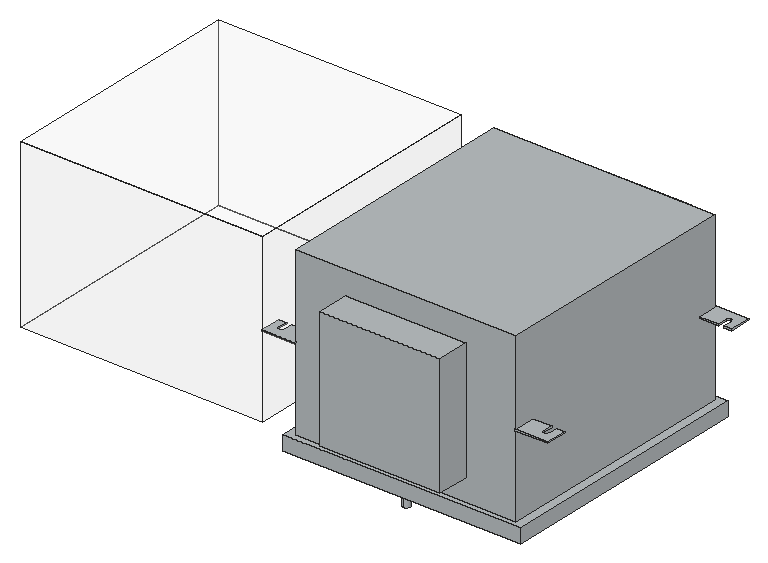
Revit family "9_天吊埋込タイプ 厨房用(角ダクト) 3相200V", category 機械設備, Revit 2019
Family settings
  丸型コネクタ寸法 = 直径を使用
  パーツ タイプ = 割り込み
  OmniClass 番号 = 23.75.35.17.24
  OmniClass タイトル = Axial Fans
  作業面ベース = いいえ
  常に垂直 = はい
  ロード時にボイドで切り取り = いいえ
  共有 = いいえ
  部屋計算ポイント = はい
Parameters (values of type "BFS-300TX1")
  騒音レベル(dB(A))_吸込 = 68
  騒音レベル(dB(A))_吐出 = 73
  騒音レベル(dB(A))_側面 = 49
  騒音レベル(dB(A)) = 68
  風量 [instance] = 設計風量  # 0.0 m³/h
  電源種別 [instance] = "一般"
  電圧 = 200 V
  電動機出力 = 1500 W
  電動機_種別 [instance] = ""
  運転質量 = 0.00 kg
  連動 [instance] = ""
  質量 = if(製品質量 > 運転質量, 製品質量, 運転質量) * 1.2  # 46.80 kg
  負荷分類 = 3_ファン類
  説明 = "ストレートシロッコファン厨房用"
  設計風量 [instance] = 0.0 m³/h
  設置方法 = "天吊"
  記号 [instance] = ""
  製造元 = "三菱電機株式会社"
  製品質量 = 39.00 kg
  製品出荷対象 = "国内"
  製品リリース年月 = "2006年12月1日"
  製品グループ = ""
  系統 [instance] = ""
  符号 [instance] = if(☑給気／□排気, "FS", "FE")  # "FE"
  積算_科目 = "2 換気設備"
  積算_拾い区分 [instance] = ""
  相 = 3
  盤記号 [instance] = ""
  盤工事区分 = "電気工事"
  発停方法 [instance] = "別売スイッチ"
  番手 = "#2"
  特殊仕様 [instance] = ""
  火災停止 [instance] = ""
  消費電力 = 940 W
  法定耐用年数 = "15"
  機外静圧 [instance] = 0.0 Pa
  極数 = 3
  極 = 4
  材質 [instance] = ""
  本体マテリアル = SUS304
  操作・制御方式 = ""
  操作・制御スイッチ = ""
  排気量 [instance] = if(☑給気／□排気, 0.0 m³/h, 設計風量)  # 0.0 m³/h
  形式 = ""
  形名 = BFS-TX : BFS-300TX1
  幹線記号 [instance] = ""
  対象室 [instance] = ""
  実風量 = 0.0 m³/h
  始動方式 [instance] = "直入"
  外気量 [instance] = if(☑給気／□排気, 設計風量, 0.0 m³/h)  # 0.0 m³/h
  呼称 = "消音ボックス付送風機"
  周波数 = 50 Hz
  天吊金具ピッチ幅 = 655 mm
  天吊金具ピッチ奥行 = 562 mm
  参照している仕様書等のバージョン = ""
  分類コード = "50052502100020"
  分類グループ = ""
  価格 = 336000
  企業コード = "108420"
  付属品_防振装置 = ""
  付属品 [instance] = ""
  仕様書バージョン = "Version1.0"
  モデル = "BFS-300TX1"
  ファンの種類 = "多翼形"
  ドレン管径 = 18 mm
  ダクト高 = 298 mm
  ダクト幅 = 298 mm
  サービススペース = yes
  コメント [instance] = ""
  Keynote = ""
  ☑給気／□排気 [instance] = no
  Width = 546 mm
  Version = ""
  Uniclass2015Version = "Systems v1.9"
  Uniclass2015Title = "Centrifugal fans"
  Uniclass2015Code = "Pr_65_67_29_12"
  URL = "https://www.mitsubishielectric.co.jp/ldg/wink/ssl/displayProduct.do?pid=153352"
  SpecificationReference = ""
  SpecificationDescription = ""
  Revision = ""
  ProductInformation = ""
  OmniClassCode = "23-33 31 19 13 15"
  MIN風量 = 0.0 m³/h
  MIN静圧 = 0.0 Pa
  MID風量 = 0.0 m³/h
  MID静圧 = 0.0 Pa
  MAX風量 = 3000.0 m³/h
  MAX静圧 = 200.0 Pa
  M = 80 mm
  IfcTypeProduct = ""
  IfcProduct = ""
  IfcExportType = "CENTRIFUGALFORWARDCURVED"
  IfcExportAs = "IfcFanType"
  Height = 411 mm
  Front-d = 80 mm
  Depth = 614 mm
  Clearance Top = 0 mm  # constant formula
  Clearance Right = 0 mm  # constant formula
  Clearance Left = 600 mm
  Clearance Front = 0 mm
  Clearance Bottom = 0 mm  # constant formula
  Clearance Back = 0 mm
  Author = "三菱電機株式会社"
Types (5, lengths in mm): name | 騒音レベル(dB(A))_吸込 | 騒音レベル(dB(A))_吐出 | 騒音レベル(dB(A))_側面 | 騒音レベル(dB(A)) | 電動機出力 | 質量 | 製品質量 | 製品リリース年月 | 番手 | 消費電力 | 本体マテリアル | 形名 | 天吊金具ピッチ幅 | 天吊金具ピッチ奥行 | 価格 | モデル | ダクト高 | ダクト幅 | Width | URL | MAX風量 | MAX静圧 | Height | Front-d | Depth | Clearance Left | Clearance Front | Clearance Back
  BFS-300TX1 | 68 | 73 | 49 | 68 | 1500 W | 46.80 kg | 39.00 kg | "2006年12月1日" | "#2" | 940 W | SUS304 | BFS-TX : BFS-300TX1 | 655 | 562 | 336000 | "BFS-300TX1" | 298 | 298 | 546 | "https://www.mitsubishielectric.co.jp/ldg/wink/ssl/displayProduct.do?pid=153352" | 3000.0 m³/h | 200.0 Pa | 411 | 80 | 614 | 600 | 0 | 0
  BFS-450TX | 63 | 71 | 46 | 63 | 2200 W | 92.40 kg | 77.00 kg | "2006年12月1日" | "#1 1/2×2" | 1030 W | 溶融亜鉛めっき鋼板 | BFS-TX : BFS-450TX | 922 | 685 | 542000 | "BFS-450TX" | 248 | 698 | 819 | "https://www.mitsubishielectric.co.jp/ldg/wink/ssl/displayProduct.do?pid=153353" | 4500.0 m³/h | 190.0 Pa | 415 | 81.5 | 728 | 1200 | 600 | 600
  BFS-550TX1 | 68 | 71 | 49 | 68 | 3000 W | 100.80 kg | 84.00 kg | "2006年12月1日" | "#2×2" | 1660 W | 溶融亜鉛めっき鋼板 | BFS-TX : BFS-550TX1 | 1015 | 728 | 604000 | "BFS-550TX1" | 298 | 748 | 912 | "https://www.mitsubishielectric.co.jp/ldg/wink/ssl/displayProduct.do?pid=153354" | 5500.0 m³/h | 200.0 Pa | 455 | 81.5 | 771 | 1200 | 600 | 600
  BFS-800TX | 68 | 70.5 | 48.5 | 68 | 3500 W | 145.20 kg | 121.00 kg | "2016年6月1日" | "#2×3" | 2600 W | 溶融亜鉛めっき鋼板 | BFS-TX : BFS-800TX | 1018 | 1630 | 1440000 | "BFS-800TX" | 298 | 798 | 952 | "https://www.mitsubishielectric.co.jp/ldg/wink/ssl/displayProduct.do?pid=266998" | 8000.0 m³/h | 200.0 Pa | 461.4 | 18 | 1690 | 1100 | 18 | 18
  BFS-1000TX | 68.5 | 71 | 49 | 68.5 | 4400 W | 182.40 kg | 152.00 kg | "2016年6月1日" | "#2×4" | 3350 W | 溶融亜鉛めっき鋼板 | BFS-TX : BFS-1000TX | 1138 | 1850 | 1700000 | "BFS-1000TX" | 298 | 898 | 1072 | "https://www.mitsubishielectric.co.jp/ldg/wink/ssl/displayProduct.do?pid=266997" | 10000.0 m³/h | 205.0 Pa | 461.4 | 18 | 1910 | 1100 | 18 | 18
Reference planes
  plane 1 "中心(正面/背面)": y = 0
  plane 2: z = 0
  plane 3 "中心(左/右)": x = -128
  plane 4 "左": x = -401
  plane 5 "右": x = 145
  plane 6 "背面": y = 307
  plane 7 "正面": y = -307
  plane 8: z = 205.5
  plane 9: y = 281
  plane 10: y = -281
  plane 11: x = 199.5
  plane 12: x = -455.5
  plane 13: z = -205.5
  plane 14: z = 205.5
  plane 15: z = -205.5
  plane 16: y = 307
  plane 17: y = -307
  plane 18: x = 145
  plane 19: x = -1081
  plane 20: x = -481
Dimensions and locks
  "Width": plane 4 "左" to plane 5 "右"
  equal spacing: plane 7 "正面", plane 1 "中心(正面/背面)", plane 6 "背面"
  "Depth": plane 7 "正面" to plane 6 "背面"
  equal spacing: plane 8, level, plane 13
  "Height": plane 8 to plane 13
  equal spacing: plane 10, plane 1 "中心(正面/背面)", plane 9
  "天吊金具ピッチ奥行": plane 10 to plane 9
  "天吊金具ピッチ幅": plane 12 to plane 11
  equal spacing: plane 4 "左", plane 3 "中心(左/右)", plane 5 "右"
  equal spacing: plane 12, plane 3 "中心(左/右)", plane 11
  "Clearance Top": plane 14 to plane 8
  "Clearance Bottom": plane 13 to plane 15
  "Clearance Back": plane 6 "背面" to plane 16
  "Clearance Right": plane 5 "右" to plane 18
  "Clearance Front": plane 17 to plane 7 "正面"
  "Front-d": plane 20 to plane 4 "左"
  "Clearance Left": plane 19 to plane 20
  aligned and locked: level to plane 2
  aligned and locked: nested 1 to plane 9
  aligned and locked: plane 10 to nested 1
  aligned and locked: plane 12 to nested 1
  aligned and locked: plane 11 to nested 1
  aligned and locked: plane 8 to nested 2
  aligned and locked: plane 19 to nested 3
  aligned and locked: plane 17 to nested 3
  aligned and locked: plane 14 to nested 3
  aligned and locked: plane 15 to nested 3
  aligned and locked: plane 16 to nested 3
  aligned and locked: plane 20 to nested 3
  aligned and locked: plane 1 "中心(正面/背面)" to nested 2
  aligned and locked: nested 2 to plane 3 "中心(左/右)"
Nested families
  nested 1: "固定点" at (-455.5, -281, 0), type "固定点"
    with W 655 mm, D 562 mm, 中心円 14 mm
  nested 2: "BFS-TX" at (-128, 0, -205.5) x (0, -1, 0) z (0, 0, 1), type <- "形名", type "BFS-300TX1"
  nested 3: "サービススペース" at (-781, 0, 0), type "サービススペース"
    with Width 600 mm, Height 411 mm, Depth 614 mm
Connectors
  hvac at (-128, -387, -1.5), driven by "ダクト高", driven by "ダクト幅", driven by "機外静圧", driven by "風量"
    settings: on nested 2, index 1, duct flow 0.0 m³/h, flow factor 0, pres drop 0.0 Pa, loss coef 0, conn angle 0.00°, conn width 298 mm, conn height 298 mm, conn diameter 609.6 mm, duct sys type 29, conn prof type 1, flow config 0, flow direction 2, loss method 4, conn ref index -1, conn util no, is conn primary yes, conn desc "Out"
  hvac at (-128, 387, -1.5), driven by "ダクト高", driven by "ダクト幅", driven by "機外静圧", driven by "風量"
    settings: on nested 2, index 2, duct flow 0.0 m³/h, flow factor 0, pres drop 0.0 Pa, loss coef 0, conn angle 0.00°, conn width 298 mm, conn height 298 mm, conn diameter 609.6 mm, duct sys type 29, conn prof type 1, flow config 0, flow direction 1, loss method 4, conn ref index -1, conn util no, is conn primary no, conn desc "In"
  electrical at (-441, -8.5, 68.4), driven by "極数", driven by "負荷分類", driven by "電圧", driven by "消費電力"
    settings: on nested 2, index 3, voltage 200 V, apparent load 940 VA, apparent load phase1 0 VA, apparent load phase2 0 VA, apparent load phase3 0 VA, power factor 1, load classification "3_ファン類", number of poles 3, system type 30, power factor state 1, is connector primary yes, connector utility no, sub classification motor no, connector description ""
  piping at (-128, -305, -265.5), diameter 18, driven by "ドレン管径"
    settings: on nested 2, index 4, connector inside diameter 609.6 mm, connector length 0 mm, flow factor 0, pipe flow 0.0 L/s, pressure drop 0.0 Pa, fitting loss kfactor 0, connector angle 0.00°, fixture units 0, engagement length 0 mm, angle of deflection 0.00°, flow configuration 1, flow direction 2, fitting loss method 4, system type 16, joint type 0, gender type 0, connector reference index -1, connector utility 0, adjustable connector no, is connector primary yes, connector description ""
  piping at (-406.5, 0, -265.5), diameter 18, driven by "ドレン管径"
    settings: on nested 2, index 5, connector inside diameter 609.6 mm, connector length 0 mm, flow factor 0, pipe flow 0.0 L/s, pressure drop 0.0 Pa, fitting loss kfactor 0, connector angle 0.00°, fixture units 0, engagement length 0 mm, angle of deflection 0.00°, flow configuration 1, flow direction 2, fitting loss method 4, system type 16, joint type 0, gender type 0, connector reference index -1, connector utility 0, adjustable connector no, is connector primary no, connector description ""
Definition of nested family "BFS-TX"
  Parameters (values of type "BFS-300TX1")
    端子カバー高 = 150 mm  # constant formula
    端子カバー手前位置 = 100 mm
    端子カバー幅 = 40 mm  # constant formula
    端子カバー奥行 = 397 mm  # constant formula
    端子カバー上位置 = 62.1 mm  # constant formula
    吊りボルト2 = no
    吊りボルト1-高さ = 204 mm
    吊りボルト1 = yes
    吊りボルト-φ = 13.5 mm
    吊りボルト-W2 = 52 mm
    吊りボルト-W1 = 562 mm
    吊りボルト-D2 = 706 mm
    吊りボルト-D1 = 655 mm
    中心高さ = 207 mm
    マテリアル = none
    ドレン位置2 = 15 mm
    ドレン位置1 = 15 mm
    ドレイン2 = yes
    ドレイン1 = no
    カバーW = 400 mm
    カバーH = 411 mm
    カバー = no
    ダクトD = 298 mm
    ダクトW = 298 mm
    w1 = 640 mm
    d2 = 293.5 mm
    d1 = 587 mm
    b = 400 mm
    a = 80 mm
    W = 614 mm
    H3 = 35 mm
    H2 = 25 mm
    H = 411 mm
    c = 80 mm
    D = 546 mm
  Types (5, lengths in mm): name | 端子カバー手前位置 | 吊りボルト2 | 吊りボルト1-高さ | 吊りボルト1 | 吊りボルト-φ | 吊りボルト-W2 | 吊りボルト-W1 | 吊りボルト-D2 | 吊りボルト-D1 | 中心高さ | ドレン位置2 | ドレン位置1 | ドレイン2 | ドレイン1 | カバーW | カバーH | カバー | ダクトD | ダクトW | w1 | d2 | d1 | b | W | H3 | H | c | D
    BFS-300TX1 | 100 | no | 204 | yes | 13.5 | 52 | 562 | 706 | 655 | 207 | 15 | 15 | yes | no | 400 | 411 | no | 298 | 298 | 640 | 293.5 | 587 | 400 | 614 | 35 | 411 | 80 | 546
    BFS-450TX | 80 | yes | 214 | no | 14 | 50 | 685 | 982 | 922 | 161 | 15 | 15 | no | yes | 568 | 391 | no | 248 | 698 | 581 | 429 | 858 | 568 | 728 | 45 | 415 | 80 | 819
    BFS-550TX1 | 80 | yes | 214 | no | 14 | 50 | 728 | 1075 | 1015 | 172 | 25 | 15 | no | yes | 624 | 432 | no | 298 | 748 | 624 | 474 | 948 | 624 | 771 | 45 | 455 | 73.5 | 912
    BFS-800TX | 295.8 | no | 0 | yes | 13.5 | 52 | 1630 | 1112 | 1018 | 206 | 20 | 20 | no | yes | 300 | 200 | yes | 298 | 798 | 1726 | 494 | 440 | 624 | 1690 | 40.6 | 461.4 | 300 | 952
    BFS-1000TX | 621 | no | 0 | yes | 13.5 | 52 | 1850 | 1232 | 1138 | 206 | 19.8 | 19.8 | no | yes | 300 | 200 | yes | 298 | 898 | 1946 | 554 | 440 | 624 | 1910 | 40.6 | 461.4 | 600 | 1072
  Reference planes
    plane 1 "中心(正面/背面)": y = 0
    plane 2: z = 0
    plane 3 "中心(左/右)": x = 0
    plane 4: y = 273
    plane 5: y = 327.5
    plane 6: y = 353
    plane 7: y = -273
    plane 8: y = -327.5
    plane 9: y = -353
    plane 10: x = -307
    plane 11: x = -281
    plane 12: x = -310
    plane 13: x = 307
    plane 14: x = 281
    plane 15: x = 310
    plane 16: z = 411
    plane 17: z = 421
    plane 18: x = -193
    plane 19: x = 207
    plane 20: x = 387
    plane 21: x = -387
    plane 22: z = 207
    plane 23: z = 204
    plane 24: z = 166
    plane 25: x = -258
    plane 26: z = 189
    plane 27: x = 258
    plane 28: y = 276
    plane 29: x = 377
    plane 30: x = 317
    plane 31: x = -317
    plane 32: x = -377
    plane 33: x = -190
    plane 34: z = 348.9
    plane 35: z = 198.9
    plane 36: y = -313
    plane 37: y = 293.5
    plane 38: y = -293.5
    plane 39: x = -320
    plane 40: x = 320
    plane 41: z = -20
    plane 42: z = -25
    plane 43: z = -50
    plane 44: y = -278.5
    plane 45: z = -5
    plane 46: z = -35
    plane 47: z = -60
    plane 48: x = 305
    plane 49: z = 204
    plane 50: z = 353
    plane 51: z = 55
    plane 52: y = 112.5
    plane 53: y = 149
    plane 54: y = -149
  Forms (mm)
    Extrusion 1, solid, material <- "マテリアル", detail levels fine
      sketch origin (0, 0, 0) x (1, 0, 0) y (0, 1, 0)
        loop
          line (-307, 273) -> (-307, -273) -> (307, -273) -> (307, 273) -> (-307, 273)
      from 0 to 411
    Extrusion 2, solid, material <- "マテリアル", visible <- "吊りボルト1", detail levels fine
      sketch origin (0, 0, 0) x (1, 0, 0) y (0, 1, 0)
        loop
          line (-310, -273) -> (-310, -353) -> (-258, -353) -> (-258, -334.25) -> (-281, -334.25)
          arc (-281, -334.25) -> (-287.75, -327.5) -> (-281, -320.75) r 6.75
          line (-281, -320.75) -> (-258, -320.75) -> (-258, -273) -> (-310, -273)
      from 204 to 207
    Extrusion 3, solid, material <- "マテリアル", visible <- "吊りボルト1", detail levels fine
      sketch origin (0, 0, 0) x (1, 0, 0) y (0, 1, 0)
        loop
          line (-310, 273) -> (-258, 273) -> (-258, 320.75) -> (-281, 320.75)
          arc (-281, 320.75) -> (-287.75, 327.5) -> (-281, 334.25) r 6.75
          line (-281, 334.25) -> (-258, 334.25) -> (-258, 353) -> (-310, 353) -> (-310, 273)
      from 204 to 207
    Extrusion 4, solid, material <- "マテリアル", visible <- "吊りボルト1", detail levels fine
      sketch origin (0, 0, 0) x (-1, 0, 0) y (0, -1, 0)
        loop
          line (-310, -273) -> (-310, -353) -> (-258, -353) -> (-258, -334.25) -> (-281, -334.25)
          arc (-281, -334.25) -> (-287.75, -327.5) -> (-281, -320.75) r 6.75
          line (-281, -320.75) -> (-258, -320.75) -> (-258, -273) -> (-310, -273)
      from 204 to 207
    Extrusion 5, solid, material <- "マテリアル", visible <- "吊りボルト1", detail levels fine
      sketch origin (0, 0, 0) x (-1, 0, 0) y (0, -1, 0)
        loop
          line (-310, 273) -> (-258, 273) -> (-258, 320.75) -> (-281, 320.75)
          arc (-281, 320.75) -> (-287.75, 327.5) -> (-281, 334.25) r 6.75
          line (-281, 334.25) -> (-258, 334.25) -> (-258, 353) -> (-310, 353) -> (-310, 273)
      from 204 to 207
    Extrusion 6, solid, material <- "マテリアル", detail levels fine
      sketch origin (0, 0, 0) x (1, 0, 0) y (0, 0, 1)
        loop
          line (207, 348.9) -> (-190, 348.9) -> (-190, 198.9) -> (207, 198.9) -> (207, 348.9)
      from 273 to 313
    Extrusion 7, solid, material <- "マテリアル", detail levels fine
      sketch origin (0, 0, 0) x (1, 0, 0) y (0, 0, 1)
        loop
          line (-320, 0) -> (-320, -35) -> (320, -35) -> (320, 0) -> (-320, 0)
      from -293.5 to 293.5
    Extrusion 8, solid, material <- "マテリアル", detail levels fine
      sketch origin (0, 0, 0) x (1, 0, 0) y (0, 1, 0)
        loop
          line (387, -149) -> (387, 149) -> (307, 149) -> (307, -149) -> (387, -149)
        loop
          line (-387, -149) -> (-307, -149) -> (-307, 149) -> (-387, 149) -> (-387, -149)
      from 55 to 353
    Extrusion 9, solid, material <- "マテリアル", visible <- "吊りボルト2", detail levels fine
      sketch origin (0, 0, 0) x (1, 0, 0) y (0, 1, 0)
        loop
          line (320, 353) -> (310, 353) -> (310, 334.25) -> (281, 334.25)
          arc (281, 334.25) -> (274.25, 327.5) -> (281, 320.75) r 6.75
          line (281, 320.75) -> (310, 320.75) -> (310, -320.75) -> (281, -320.75)
          arc (281, -320.75) -> (274.25, -327.5) -> (281, -334.25) r 6.75
          line (281, -334.25) -> (310, -334.25) -> (310, -353) -> (320, -353) -> (320, 353)
        loop
          line (-320, 353) -> (-320, -353) -> (-310, -353) -> (-310, -334.25) -> (-281, -334.25)
          arc (-281, -334.25) -> (-274.25, -327.5) -> (-281, -320.75) r 6.75
          line (-281, -320.75) -> (-310, -320.75) -> (-310, 320.75) -> (-281, 320.75)
          arc (-281, 320.75) -> (-274.25, 327.5) -> (-281, 334.25) r 6.75
          line (-281, 334.25) -> (-310, 334.25) -> (-310, 353) -> (-320, 353)
      from -5 to 0
    Extrusion 10, solid, material <- "マテリアル", visible <- "ドレイン1", detail levels fine
      sketch origin (0, 0, 0) x (1, 0, 0) y (0, 1, 0)
        loop
          circle (0, -278.5) r 9
      from -60 to -35
    Extrusion 11, solid, material <- "マテリアル", visible <- "ドレイン2", detail levels fine
      sketch origin (0, 0, 0) x (1, 0, 0) y (0, 1, 0)
        loop
          circle (305, 0) r 9
      from -60 to -35
  Dimensions and locks
    plane 12 to plane 15 = 620 mm
    "吊りボルト-W1": plane 11 to plane 14
    "W": plane 10 to plane 13
    "吊りボルト-D2": plane 9 to plane 6
    "吊りボルト-D1": plane 8 to plane 5
    "D": plane 7 to plane 4
    equal spacing: plane 7, plane 1 "中心(正面/背面)", plane 4
    equal spacing: plane 10, plane 3 "中心(左/右)", plane 13
    "H": plane 16 to level
    locked: plane 13 to plane 15 at 3
    locked: plane 12 to plane 10 at 3
    locked: plane 22 to plane 23 at 3
    locked: plane 22 to plane 24 at 41
    "吊りボルト-W2": plane 12 to plane 25
    locked: plane 23 to plane 26 at 15
    "吊りボルト-W2": plane 27 to plane 15
    locked: plane 28 to plane 4 at 3
    "a": plane 21 to plane 10
    "a": plane 13 to plane 20
    locked: plane 21 to plane 32 at 10
    locked: plane 31 to plane 10 at 10
    locked: plane 13 to plane 30 at 10
    locked: plane 29 to plane 20 at 10
    "端子カバー手前位置": plane 13 to plane 19
    "b": plane 19 to plane 18
    "端子カバー奥行": plane 19 to plane 33
    "端子カバー高": plane 34 to plane 35
    "端子カバー幅": plane 36 to plane 7
    "d1": plane 38 to plane 37
    "w1": plane 39 to plane 40
    equal spacing: plane 39, plane 3 "中心(左/右)", plane 40
    locked: level to plane 41 at 20
    "H2": level to plane 42
    locked: plane 42 to plane 43 at 25
    plane 38 to plane 37 = 587 mm
    "ドレン位置1": plane 38 to plane 44
    equal spacing: plane 11, plane 3 "中心(左/右)", plane 14
    equal spacing: plane 9, plane 1 "中心(正面/背面)", plane 6
    equal spacing: plane 8, plane 1 "中心(正面/背面)", plane 5
    locked: plane 17 to plane 16 at 10
    "d2": plane 38 to plane 1 "中心(正面/背面)"
    locked: level to plane 45 at 5
    locked: plane 46 to plane 47 at 25
    "ドレン位置2": plane 48 to plane 40
    equal spacing: plane 50, plane 49, plane 51
    "ダクトD": plane 50 to plane 51
    equal spacing: plane 54, plane 1 "中心(正面/背面)", plane 53
    "ダクトW": plane 54 to plane 53
    "H3": level to plane 46
    "端子カバー上位置": plane 16 to plane 34
    "中心高さ": plane 16 to plane 49
    "吊りボルト1-高さ": plane 16 to plane 22
    "吊りボルト-φ": diameter of Extrusion 9 sketch curve  (x4)
    "吊りボルト-φ": diameter of Extrusion 2 sketch curve
    "吊りボルト-φ": diameter of Extrusion 3 sketch curve
    "吊りボルト-φ": diameter of Extrusion 4 sketch curve
    "吊りボルト-φ": diameter of Extrusion 5 sketch curve
    radius of Extrusion 10 sketch curve = 9 mm
    radius of Extrusion 11 sketch curve = 9 mm
    aligned and locked: level to plane 2
    aligned and locked: plane 4 to Extrusion 1 sketch curve
    aligned and locked: plane 10 to Extrusion 1 sketch curve
    aligned and locked: Extrusion 1 sketch curve to plane 7
    aligned and locked: Extrusion 1 sketch curve to plane 13
    aligned and locked: plane 16 to Extrusion 1
    aligned and locked: plane 7 to Extrusion 2 sketch curve
    aligned and locked: plane 12 to Extrusion 2 sketch curve
    aligned and locked: Extrusion 2 sketch curve to plane 9
    aligned and locked: Extrusion 2 sketch curve to plane 25  (x2)
    aligned and locked: plane 11 to Extrusion 2 sketch curve
    aligned and locked: plane 8 to Extrusion 2 sketch curve
    aligned and locked: plane 22 to Extrusion 2
    aligned and locked: Extrusion 2 to plane 23
    aligned and locked: plane 25 to Extrusion 3 sketch curve  (x2)
    aligned and locked: plane 5 to Extrusion 3 sketch curve
    aligned and locked: plane 11 to Extrusion 3 sketch curve
    aligned and locked: Extrusion 3 sketch curve to plane 6
    aligned and locked: Extrusion 3 sketch curve to plane 12
    aligned and locked: plane 4 to Extrusion 3 sketch curve
    aligned and locked: plane 22 to Extrusion 3
    aligned and locked: Extrusion 3 to plane 23
    aligned and locked: Extrusion 4 to plane 6
    aligned and locked: plane 15 to Extrusion 4
    aligned and locked: Extrusion 4 to plane 27
    aligned and locked: plane 27 to Extrusion 4 sketch curve  (x2)
    aligned and locked: plane 6 to Extrusion 4 sketch curve
    aligned and locked: Extrusion 4 sketch curve to plane 15
    aligned and locked: plane 5 to Extrusion 4 sketch curve
    aligned and locked: plane 14 to Extrusion 4 sketch curve
    aligned and locked: Extrusion 4 sketch curve to plane 4
    aligned and locked: Extrusion 4 to plane 23
    aligned and locked: plane 22 to Extrusion 4
    aligned and locked: plane 9 to Extrusion 5 sketch curve
    aligned and locked: plane 15 to Extrusion 5 sketch curve
    aligned and locked: Extrusion 5 sketch curve to plane 7
    aligned and locked: Extrusion 5 sketch curve to plane 27  (x2)
    aligned and locked: plane 14 to Extrusion 5 sketch curve
    aligned and locked: plane 8 to Extrusion 5 sketch curve
    aligned and locked: Extrusion 5 to plane 23
    aligned and locked: plane 22 to Extrusion 5
    aligned and locked: plane 34 to Extrusion 6 sketch curve
    aligned and locked: plane 19 to Extrusion 6 sketch curve
    aligned and locked: Extrusion 6 sketch curve to plane 35
    aligned and locked: Extrusion 6 sketch curve to plane 33
    aligned and locked: Extrusion 6 to plane 7
    aligned and locked: Extrusion 7 sketch curve to level
    aligned and locked: Extrusion 7 sketch curve to plane 39
    aligned and locked: Extrusion 7 sketch curve to plane 40
    aligned and locked: plane 20 to Extrusion 8 sketch curve
    aligned and locked: plane 54 to Extrusion 8 sketch curve
    aligned and locked: plane 21 to Extrusion 8 sketch curve
    aligned and locked: Extrusion 8 sketch curve to plane 54
    aligned and locked: plane 10 to Extrusion 8
    aligned and locked: Extrusion 8 to plane 13
    aligned and locked: plane 50 to Extrusion 8
    aligned and locked: Extrusion 8 to plane 51
    aligned and locked: Extrusion 8 sketch curve to plane 53
    aligned and locked: plane 53 to Extrusion 8 sketch curve
    aligned and locked: Extrusion 9 sketch curve to plane 40
    aligned and locked: Extrusion 9 sketch curve to plane 39
    aligned and locked: Extrusion 9 sketch curve to plane 15  (x3)
    aligned and locked: Extrusion 9 sketch curve to plane 12  (x3)
    aligned and locked: Extrusion 9 sketch curve to plane 9  (x2)
    aligned and locked: Extrusion 9 sketch curve to plane 6  (x2)
    aligned and locked: plane 5 to Extrusion 9 sketch curve  (x2)
    aligned and locked: plane 11 to Extrusion 9 sketch curve  (x2)
    aligned and locked: plane 14 to Extrusion 9 sketch curve  (x2)
    aligned and locked: plane 8 to Extrusion 9 sketch curve  (x2)
    aligned and locked: level to Extrusion 9
    aligned and locked: Extrusion 9 to plane 45
    aligned and locked: plane 44 to Extrusion 10 sketch curve
    aligned and locked: plane 3 "中心(左/右)" to Extrusion 10 sketch curve
    aligned and locked: plane 1 "中心(正面/背面)" to Extrusion 11 sketch curve
    aligned and locked: plane 48 to Extrusion 11 sketch curve
    aligned and locked: Extrusion 11 to plane 47
    aligned and locked: Extrusion 10 to plane 47
    aligned and locked: plane 36 to Extrusion 6
    aligned and locked: Extrusion 7 to plane 46
    aligned and locked: level to Extrusion 7
    aligned and locked: plane 46 to Extrusion 10
    aligned and locked: plane 46 to Extrusion 11
    aligned and locked: plane 38 to Extrusion 7
    aligned and locked: Extrusion 7 to plane 37
  Automatic sketch dimensions
    Extrusion 8 sketch curve to plane 10 = 0 mm
    Extrusion 8 sketch curve to plane 13 = 0 mm
    Extrusion 7 sketch curve to plane 46 = 0 mm
    Extrusion 2 sketch curve to plane 11 = 0 mm
    Extrusion 3 sketch curve to plane 11 = 0 mm
    Extrusion 4 sketch curve to plane 14 = 0 mm
    Extrusion 5 sketch curve to plane 14 = 0 mm
Definition of nested family "サービススペース"
  Parameters (values of type "サービススペース")
    Width [instance] = 500 mm
    Height [instance] = 500 mm
    Depth [instance] = 500 mm
  Reference planes
    plane 1 "中心(正面/背面)": y = 0
    plane 2: z = 0
    plane 3 "中心(左/右)": x = 0
    plane 4: y = -250
    plane 5: x = 250
    plane 6: y = 250
    plane 7: x = -250
    plane 8: z = 250
    plane 9: z = -250
  Forms (mm)
    Extrusion 1, solid
      sketch origin (-638.939, 0, 72.39) x (1, 0, 0) y (0, 1, 0)
        loop
          line (388.939, 250) -> (388.939, -250) -> (888.939, -250) -> (888.939, 250) -> (388.939, 250)
      from -322.39 to 177.61
  Lines and regions (mm)
    symbolic lines
      curve 1: line (-250, 0, 250) -> (250, 0, 250)
      curve 2: line (-250, 0, -250) -> (-250, 0, 250)
      curve 3: line (250, 0, -250) -> (-250, 0, -250)
      curve 4: line (250, 0, 250) -> (250, 0, -250)
      curve 5: line (0, -250, 250) -> (0, 250, 250)
      curve 6: line (0, -250, -250) -> (0, -250, 250)
      curve 7: line (0, 250, -250) -> (0, -250, -250)
      curve 8: line (0, 250, 250) -> (0, 250, -250)
      curve 9: line (-250, 250, 0) -> (250, 250, 0)
      curve 10: line (-250, -250, 0) -> (-250, 250, 0)
      curve 11: line (250, -250, 0) -> (-250, -250, 0)
      curve 12: line (250, 250, 0) -> (250, -250, 0)
  Dimensions and locks
    equal spacing: plane 7, plane 3 "中心(左/右)", plane 5
    equal spacing: plane 4, plane 1 "中心(正面/背面)", plane 6
    "Depth": plane 4 to plane 6
    "Width": plane 7 to plane 5
    equal spacing: plane 8, plane 2, plane 9
    "Height": plane 8 to plane 9
    aligned and locked: plane 9 to curve 3
    aligned and locked: plane 7 to curve 2
    aligned and locked: curve 4 to plane 5
    aligned and locked: plane 5 to Extrusion 1
    aligned and locked: Extrusion 1 to plane 7
    aligned and locked: Extrusion 1 to plane 9
    aligned and locked: plane 8 to Extrusion 1
    aligned and locked: plane 9 to curve 7
  Automatic sketch dimensions
    plane 4 to Extrusion 1 sketch curve = 0 mm
    Extrusion 1 sketch curve to plane 7 = 0 mm
    Extrusion 1 sketch curve to plane 5 = 0 mm
    plane 6 to Extrusion 1 sketch curve = 0 mm
    curve 2 to plane 8 = 0 mm
    plane 4 to curve 11 = 0 mm
    curve 11 to plane 7 = 0 mm
    curve 11 to plane 5 = 0 mm
    plane 6 to curve 10 = 0 mm
    curve 7 to plane 4 = 0 mm
    curve 7 to plane 6 = 0 mm
    curve 6 to plane 8 = 0 mm
Definition of nested family "固定点"
  Parameters (values of type "固定点")
    中心円 = 11 mm
    W [instance] = 1000 mm
    D [instance] = 1000 mm
  Reference planes
    plane 1 "中心(正面/背面)": y = 0
    plane 2: z = 0
    plane 3 "中心(左/右)": x = 0
    plane 4: x = 1000
    plane 5: y = 1000
  Lines and regions (mm)
    symbolic lines, detail levels fine
      curve 1: circle (0, 1000, 0) r 5.5 normal (0, 0, 1)
      curve 2: circle (0, 0, 0) r 5.5 normal (0, 0, 1)
      curve 3: circle (1000, 1000, 0) r 5.5 normal (0, 0, 1)
      curve 4: circle (1000, 0, 0) r 5.5 normal (0, 0, 1)
      curve 5: line (-200, 1000, 0) -> (1200, 1000, 0)
      curve 6: line (-200, 0, 0) -> (1200, 0, 0)
      curve 7: line (0, 1200, 0) -> (0, -200, 0)
      curve 8: line (1000, 1200, 0) -> (1000, -200, 0)
  Dimensions and locks
    "W": plane 3 "中心(左/右)" to plane 4
    "D": plane 1 "中心(正面/背面)" to plane 5
    "中心円": diameter of curve 1
    "中心円": diameter of curve 2
    "中心円": diameter of curve 3
    "中心円": diameter of curve 4
    aligned and locked: level to plane 2
    aligned and locked: plane 5 to curve 1
    aligned and locked: plane 3 "中心(左/右)" to curve 1
    aligned and locked: plane 3 "中心(左/右)" to curve 2
    aligned and locked: plane 1 "中心(正面/背面)" to curve 2
    aligned and locked: plane 4 to curve 3
    aligned and locked: plane 5 to curve 3
    aligned and locked: plane 1 "中心(正面/背面)" to curve 4
    aligned and locked: plane 4 to curve 4
    aligned and locked: plane 1 "中心(正面/背面)" to curve 6
    aligned and locked: curve 7 to plane 3 "中心(左/右)"
    aligned and locked: curve 8 to plane 4
  Automatic sketch dimensions
    curve 5 to plane 5 = 0 mm
    curve 6 to plane 3 "中心(左/右)" = 200 mm
    curve 5 to plane 3 "中心(左/右)" = 200 mm
    curve 4 to curve 6 = 200 mm
    curve 3 to curve 5 = 200 mm
    plane 1 "中心(正面/背面)" to curve 8 = 200 mm
    plane 1 "中心(正面/背面)" to curve 7 = 200 mm
    curve 3 to curve 8 = 200 mm
    curve 1 to curve 7 = 200 mm
